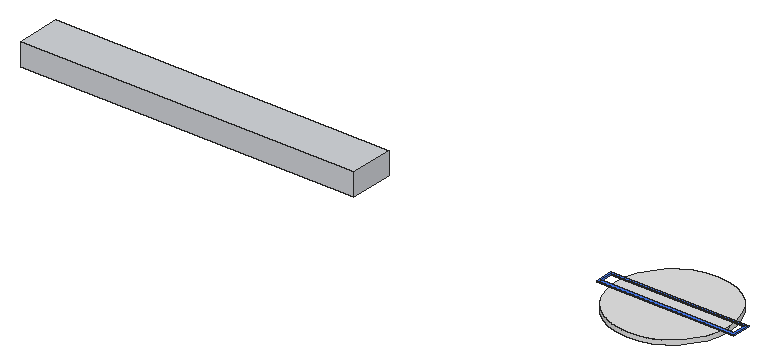
Revit family "290170 OvaLED R Round S NM ST LED 230V 1t Tak", category Lighting Fixtures, Revit 2016
Family settings
  Part Type = Normal
  Round Connector Dimension = Use Diameter
  OmniClass Number = 23.80.70.11.21
  OmniClass Title = Emergency Lighting
  Work Plane-Based = No
  Always vertical = Yes
  Cut with Voids When Loaded = No
  Light Source = Yes
  Shared = No
  Room Calculation Point = No
Parameters (values of type "Med batteri")
  Wattage = 9.2903 W
  built-in parameter 1150110 = 1 (stored number, unit not read)
  Type Comments = "-UN"
  built-in parameter 1114217 = 1 (stored number, unit not read)
  Tilt Angle = 90.00°
  built-in parameter 1150109 = 1 (stored number, unit not read)
  built-in parameter 1150134 = 3
  built-in parameter 1150113 = 1 (stored number, unit not read)
  Photometric Web File = "2x4 3Lamp.ies"
  Number of Poles = 1
  Symbol Positive Direction [instance] = yes
  NS8360 = "4432_WT2"
  Manufacturer = "Honeywell"
  built-in parameter 1150105 = 109.82 (stored number, unit not read)
  Lumens = 1380 lm
  built-in parameter 1150115 = 1 (stored number, unit not read)
  built-in parameter 1150137 = (empty or 0)
  built-in parameter 1150139 = (empty or 0)
  built-in parameter 1150112 = 1 (stored number, unit not read)
  built-in parameter 1150114 = 1 (stored number, unit not read)
  Keynote = "WT2"
  Kabellengde = 220.335 mm
  built-in parameter 1150132 = (empty or 0)
  built-in parameter 1150102 = (empty or 0)
  built-in parameter 1150107 = 3200 (stored number, unit not read)
  built-in parameter 1150138 = (empty or 0)
  built-in parameter 1150106 = 1.0982 (stored number, unit not read)
  Height = 4 mm
  Voltage = 230 V
  Symbol Offset Side [instance] = 0 mm
  Symbol Offset Out [instance] = 0 mm
  Material = Plastic - White
  Loads [instance] = 0 VA
  Emit from Circle Diameter = Diameter  # 102 mm
  Diameter = 102 mm
  Glass Material = Plastic - Transparent
  Emit Shape Visible in Rendering = no
  built-in parameter 1150104 = 13.8 (stored number, unit not read)
  Dimming Lamp Color Temperature Shift = <None>
  Color Filter = 16777215
  Batteri lengde = 300 mm
  Batteri høyde = 20 mm
  Batteri bredde = 40 mm
  Batteri = yes
  built-in parameter 1114218 = 1 (stored number, unit not read)
  built-in parameter 1150133 = 10 (stored number, unit not read)
  Assembly Code = "4432"
Types (2, lengths in mm): name | Type Comments | NS8360 | Manufacturer | Keynote | Batteri | Assembly Code
  Med batteri | "-UN" | "4432_WT2" | "Honeywell" | "WT2" | yes | "4432"
  Uten Batteri | 0 | "" | 0 | 0 | no | 0
Reference planes
  plane 1 "Light Source Axis (F/B)": y = 0
  plane 2: z = 0
  plane 3 "Light Source Axis (L/R)": x = 0
  plane 4 "Light Source Elevation": z = 0
  plane 5: z = -4
  plane 6 "rp": z = 1
  plane 7: x = 51
  plane 8: x = -51
  plane 9: x = 31
  plane 10: z = -2
  plane 11: y = -6
  plane 12: y = 6
  plane 13: x = 60
  plane 14: x = -60
  plane 15: x = -571.335
  plane 16: x = -271.335
  plane 17: y = 20
  plane 18: y = -20
  plane 19: z = 20
Forms (mm)
  Extrusion 1, solid, material "Plastic - White" <- "Material"
    sketch origin (0, 0, 0) x (1, 0, 0) y (0, 1, 0)
      loop
        circle (0, 0) r 51
    from 0 to -4
  Revolve 2, void
    sketch origin (0, 0, 0) x (1, 0, 0) y (0, 0, 1)
      loop
        line (0, -2) -> (0, -4) -> (31, -4) -> (31, -2) -> (0, -2)
      axis (0, -4) -> (0, -2)
    angle from 0 to 360
  Extrusion 3, solid, material "Plastic - Blue"
    sketch origin (0, 0, 0) x (1, 0, 0) y (0, 1, 0)
      loop
        line (-60, 6) -> (-60, -6) -> (60, -6) -> (60, 6) -> (-60, 6)
      loop
        line (-62, 8) -> (-62, -8) -> (62, -8) -> (62, 8) -> (-62, 8)
    from 0 to 1
  Extrusion 4, solid, visible <- "Batteri"
    sketch origin (0, 0, 0) x (1, 0, 0) y (0, 1, 0)
      loop
        line (-571.335, 20) -> (-571.335, -20) -> (-271.335, -20) -> (-271.335, 20) -> (-571.335, 20)
    from 0 to 20
  Revolve 5, solid, material "Plastic - Transparent"
    sketch origin (0, 0, 0) x (0, -1, 0) y (0, 0, 1)
      loop
        line (-6, -2) -> (-6, -4) -> (-4.541, -2.541)
        arc (-4.541, -2.541) -> (0, -4) -> (4.541, -2.541) r 7.796
        line (4.541, -2.541) -> (6, -4) -> (6, -2) -> (-6, -2)
      axis (-6, -2) -> (6, -2)
    angle from 90 to -90
Cuts and joins
  Revolve 2 cuts Extrusion 1
Lines and regions (mm)
  model lines, visible <- "Batteri"
    curve 1: line (-271.335, 0, 0) -> (-51, 0, 0)
Dimensions and locks
  plane 4 "Light Source Elevation" to plane 2 = 0 mm
  "Height": plane 4 "Light Source Elevation" to plane 5
  plane 6 "rp" to plane 4 "Light Source Elevation" = 1 mm
  equal spacing: plane 7, plane 3 "Light Source Axis (L/R)", plane 8
  "Emit from Circle Diameter": plane 7 to plane 8
  locked: plane 7 to plane 9 at 20
  locked: plane 10 to plane 5 at 2
  plane 12 to plane 1 "Light Source Axis (F/B)" to plane 11 = 6 mm locked, 6 mm locked
  plane 14 to plane 3 "Light Source Axis (L/R)" to plane 13 = 60 mm locked, 60 mm locked
  "Kabellengde": plane 16 to plane 8
  "Batteri lengde": plane 15 to plane 16
  equal spacing: plane 17, plane 1 "Light Source Axis (F/B)", plane 18
  "Batteri bredde": plane 17 to plane 18
  "Batteri høyde": plane 19 to level
  "Diameter": diameter of Extrusion 1 sketch curve
  aligned and locked: plane 2 to level
  aligned and locked: plane 1 "Light Source Axis (F/B)" to nested 1
  aligned and locked: plane 3 "Light Source Axis (L/R)" to nested 1
  aligned and locked: Extrusion 1 to plane 4 "Light Source Elevation"
  aligned and locked: imposter light to plane 3 "Light Source Axis (L/R)"
  aligned and locked: imposter light to plane 5
  aligned and locked: imposter light to plane 1 "Light Source Axis (F/B)"
  aligned and locked: Extrusion 1 to plane 5
  aligned and locked: plane 1 "Light Source Axis (F/B)" to Extrusion 1 sketch curve
  aligned and locked: plane 3 "Light Source Axis (L/R)" to Extrusion 1 sketch curve
  aligned and locked: Revolve 2 sketch curve to plane 3 "Light Source Axis (L/R)"
  aligned and locked: Revolve 2 sketch curve to plane 5
  aligned and locked: Revolve 2 sketch curve to plane 9
  aligned and locked: Revolve 2 sketch curve to plane 10
  aligned and locked: plane 3 "Light Source Axis (L/R)" to Revolve 2 sketch curve
  aligned and locked: Extrusion 3 sketch curve to plane 12
  aligned and locked: plane 14 to Extrusion 3 sketch curve
  aligned and locked: plane 11 to Extrusion 3 sketch curve
  aligned and locked: Extrusion 3 sketch curve to plane 13
  aligned and locked: plane 6 "rp" to Extrusion 3
  aligned and locked: plane 1 "Light Source Axis (F/B)" to curve 1
  aligned and locked: plane 16 to curve 1
  aligned and locked: plane 8 to curve 1
  aligned and locked: Extrusion 4 sketch curve to plane 17
  aligned and locked: plane 15 to Extrusion 4 sketch curve
  aligned and locked: plane 18 to Extrusion 4 sketch curve
  aligned and locked: Extrusion 4 sketch curve to plane 16
  aligned and locked: plane 19 to Extrusion 4
  aligned and locked: Revolve 5 sketch curve to plane 10  (x2)
Automatic sketch dimensions
  Revolve 2 sketch curve to Revolve 2 sketch curve = 5.243 mm
  plane 10 to Revolve 2 sketch curve = 0.889 mm
  Extrusion 3 sketch curve to plane 14 = 2 mm
  plane 13 to Extrusion 3 sketch curve = 2 mm
  Extrusion 3 sketch curve to plane 11 = 2 mm
  plane 12 to Extrusion 3 sketch curve = 2 mm
  Extrusion 3 sketch curve to plane 14 = 0 mm
  Extrusion 3 sketch curve to plane 12 = 0 mm
  Extrusion 3 sketch curve to plane 11 = 0 mm
  Extrusion 3 sketch curve to plane 13 = 0 mm
  Revolve 5 sketch curve to plane 12 = 0 mm
  Revolve 5 sketch curve to plane 1 "Light Source Axis (F/B)" = 0 mm
  Revolve 5 sketch curve to plane 5 = 0 mm  (x2)
  Revolve 5 sketch curve to plane 11 = 0 mm
  Revolve 5 sketch curve to plane 12 = 0.553 mm
  Revolve 5 sketch curve to Revolve 5 sketch curve = 0.906 mm
  Revolve 5 sketch curve to plane 10 = 0.541 mm  (x2)
  Revolve 5 sketch curve to Revolve 5 sketch curve = 5.533 mm
  plane 6 "rp" to Revolve 5 sketch curve = 2.796 mm
Nested families
  nested 1: "LedelysS" at (0, 0, 0), type "Type 1"
Connectors
  electrical at (0, 0, 0), driven by "Voltage", driven by "Loads", driven by "Number of Poles", driven by "Loads"
    settings: on plane 4 "Light Source Elevation", index 1, voltage 230 V, apparent load 0 VA, apparent load phase1 0 VA, apparent load phase2 0 VA, apparent load phase3 0 VA, power factor 1, load classification "Lighting", number of poles 1, system type 30, power factor state 1, is connector primary yes, connector utility no, sub classification motor no, connector description ""
Definition of nested family "LedelysS"
  Parameters
    CQ Symbol Positive Direction = yes
    CQ Symbol Negative Direction = not(CQ Symbol Positive Direction)  # no
    CQ Symbol Offset Side = 0 mm
    CQ Symbol Offset Out = 0 mm
  Reference planes
    plane 1: y = 0
    plane 2: x = 0
  Dimensions and locks
    "CQ Symbol Offset Out": plane 1 to nested 1
    "CQ Symbol Offset Out": plane 1 to nested 2
    "CQ Symbol Offset Side": plane 2 to nested 2
    "CQ Symbol Offset Side": nested 1 to plane 2
  Nested families
    nested 1: "LedelysSub" at (0, 0, 0), visible <- "CQ Symbol Negative Direction", type "Type 1"
    nested 2: "LedelysSub" at (0, 0, 0), visible <- "CQ Symbol Positive Direction", type "Type 1"
  Definition of nested family "LedelysSub"
    Reference planes
      plane 1: y = 0
      plane 2: x = 0
    Lines and regions (mm)
      detail lines
        curve 1: line (-4, -2, 0) -> (4, -2, 0)
        curve 2: line (4, -2, 0) -> (4, 2, 0)
        curve 3: line (4, 2, 0) -> (-4, 2, 0)
        curve 4: line (-4, 2, 0) -> (-4, -2, 0)
        curve 5: line (-3.097, -1.25, 0) -> (-0.597, 1.25, 0)
        curve 6: line (-3.097, 1.25, 0) -> (-0.597, -1.25, 0)
        curve 7: circle (-1.847, 0, 0) r 1.2 normal (0, 0, 1)
    Text (mm)
      text "LL" at (2.179, 1.025, 0)
